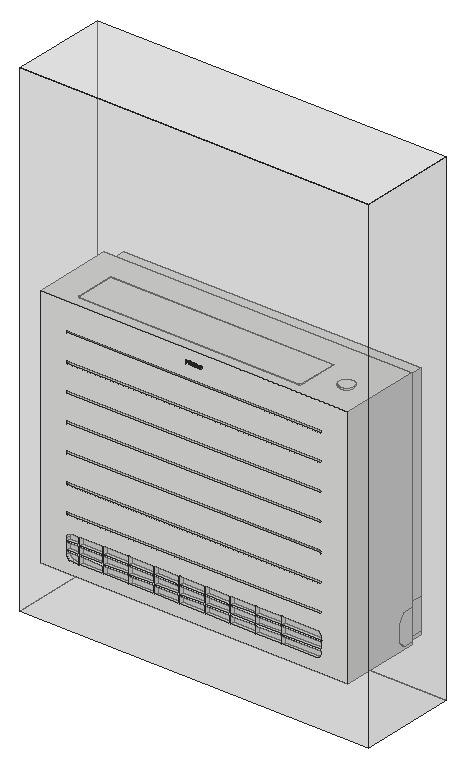
Revit family "outputfile", category 機械設備, Revit 2024
Family settings
  丸型コネクタ寸法 = 半径を使用
  パーツ タイプ = 標準
  OmniClass 番号 = 23.75.10.24.21.27.27
  OmniClass タイトル = Split System Air Conditioning Units
  作業面ベース = いいえ
  常に垂直 = はい
  ロード時にボイドで切り取り = いいえ
  注釈の向きを維持 = いいえ
  共有 = いいえ
  部屋計算ポイント = いいえ
Parameters (values of type "FVXM50YVMA")
  Description = ""
  書き出し IFC クラス(タイプ) = "IfcUnitaryEquipmentType"
  定義済み IFC タイプ(タイプ) = "AIRCONDITIONINGUNIT"
  Cost = 0
  Type Comments = ""
  Keynote = ""
  Type Image = (empty or 0)
  Assembly Code = ""
  switch_frequency = yes
  lw_powersupply [instance] = if(or(Rear Right Connection_refrigerant, Bottom Right Connection_refrigerant), 40.0 mm, if(or(Rear Left Connection_refrigerant, Bottom Left Connection_refrigerant), 630.0 mm, 40.0 mm))  # 40.0 mm
  lw_liquidpipe [instance] = if(or(Rear Right Connection_refrigerant, Bottom Right Connection_refrigerant), 60.0 mm, if(or(Rear Left Connection_refrigerant, Bottom Left Connection_refrigerant), 650.0 mm, 60.0 mm))  # 60.0 mm
  lw_gaspipe [instance] = if(or(Rear Right Connection_refrigerant, Bottom Right Connection_refrigerant), 60.0 mm, if(or(Rear Left Connection_refrigerant, Bottom Left Connection_refrigerant), 650.0 mm, 60.0 mm))  # 60.0 mm
  lw_drainpipe [instance] = if(or(Rear Right Connection_refrigerant, Bottom Right Connection_refrigerant), 80.0 mm, if(or(Rear Left Connection_refrigerant, Bottom Left Connection_refrigerant), 680.0 mm, 80.0 mm))  # 80.0 mm
  lh_liquidpipe [instance] = if(or(Bottom Left Connection_refrigerant, Bottom Right Connection_refrigerant), 258.0 mm, 60.0 mm)  # 60.0 mm
  lh_gaspipe [instance] = if(or(Bottom Left Connection_refrigerant, Bottom Right Connection_refrigerant), 211.0 mm, 40.0 mm)  # 40.0 mm
  lh_drainpipe [instance] = if(or(Bottom Left Connection_refrigerant, Bottom Right Connection_refrigerant), 95.0 mm, 20.0 mm)  # 20.0 mm
  ld_liquidpipe [instance] = if(or(Rear Left Connection_refrigerant, Rear Right Connection_refrigerant), 147.0 mm, 40.0 mm)  # 40.0 mm
  ld_gaspipe [instance] = if(or(Rear Left Connection_refrigerant, Rear Right Connection_refrigerant), 130.0 mm, 30.0 mm)  # 30.0 mm
  ld_drainpipe [instance] = if(or(Rear Left Connection_refrigerant, Rear Right Connection_refrigerant), 123.0 mm, 30.0 mm)  # 30.0 mm
  l_powersupply_length [instance] = if(Right Connection_refrigerant, 40.0 mm - 14.0 mm, if(Left Connection_refrigerant, 750.0 mm - 40.0 mm - 14.0 mm, if(or(Rear Left Connection_refrigerant, Rear Right Connection_refrigerant), 30.0 mm, 74.0 mm)))  # 26.0 mm
  l_liquidpipe_length [instance] = if(Right Connection_refrigerant, 60.0 mm - 14.0 mm, if(Left Connection_refrigerant, 750.0 mm - 60.0 mm - 14.0 mm, if(or(Rear Left Connection_refrigerant, Rear Right Connection_refrigerant), 147.0 mm, 258.0 mm)))  # 46.0 mm
  l_gaspipe_length [instance] = if(Right Connection_refrigerant, 60.0 mm - 14.0 mm, if(Left Connection_refrigerant, 750.0 mm - 60.0 mm - 14.0 mm, if(or(Rear Left Connection_refrigerant, Rear Right Connection_refrigerant), 130.0 mm, 211.0 mm)))  # 46.0 mm
  l_drainpipe_length [instance] = if(Right Connection_refrigerant, 80.0 mm - 14.0 mm, if(Left Connection_refrigerant, 750.0 mm - 80.0 mm - 14.0 mm, if(or(Rear Left Connection_refrigerant, Rear Right Connection_refrigerant), 123.0 mm, 95.0 mm)))  # 66.0 mm
  daikin_mountinghole = Depth = 350.0 mm  # no
  connector_voltage = Voltage_60Hz  # 220 V
  connector_powerinput = [Power Input (Cooling)]  # 1.180 kW
  connector_phase = Phase_60Hz  # 1
  angle_vertical [instance] = if(or(Bottom Left Connection_refrigerant, Bottom Right Connection_refrigerant), 0.00°, 90.00°)  # 90.00°
  angle_horizontal [instance] = if(Right Connection_refrigerant, 90.00°, if(Left Connection_refrigerant, -90.00°, if(or(Rear Left Connection_refrigerant, Rear Right Connection_refrigerant), 180.00°, 0.00°)))  # 90.00°
  Voltage_comment_60Hz = "220-230"
  Voltage_comment_50Hz = "220 - 240"
  Voltage_60Hz = 220 V
  Voltage_50Hz = 230 V
  URL = ""
  Total Heating Capacity [instance] = 0.000 kW
  Right Connection_refrigerant [instance] = yes
  製造元 = "Daikin"
  モデル = "FVXM50YVMA"
  r_Liquid Pipe Size = Liquid Pipe Size / 2  # 3.2 mm
  r_Gas Pipe Size = Gas Pipe Size / 2  # 6.35 mm
  r_Drain Pipe Size = Drain Pipe Size / 2  # 8.0 mm
  h*** = 0.0 mm  # constant formula
  Width = 750.0 mm
  Version = "ver.1.0"
  Unit Type = "Floor Standing"
  Unit Mass Weight = 18.00 kg
  Unit Designation [instance] = ""
  Uniclass2015Version = "Products v1.30"
  Uniclass2015Title = "Split coil room air conditioning units"
  Uniclass2015Code = "Pr_70_65_03_86"
  Total Cooling Capacity [instance] = 0.000 kW
  Sound Pressure Level_M speed (dBA) = 40
  Sound Pressure Level_L speed (dBA) = 36
  Sound Pressure Level_H speed (dBA) = 51
  Sound Power Level_H speed (dB) = 0
  Series = "Single Split_Fan Coil Unit"
  Sensible Cooling Capacity [instance] = 0.000 kW
  Refrigerant Type = "R32"
  Rear Right Connection_refrigerant [instance] = no
  Rear Left Connection_refrigerant [instance] = no
  Power Input (Heating) = 1.440 kW
  Power Input (Cooling) = 1.180 kW
  Phase_60Hz = 1
  Phase_50Hz = 1
  Option Accessory 3 [instance] = ""
  Option Accessory 2 [instance] = ""
  Option Accessory 1 [instance] = ""
  Nominal Heating Capacity = 6.000 kW
  Nominal Cooling Capacity = 5.000 kW
  Minimum External Static Pressure = 0.00 Pa
  Minimum Circuit Amps_60Hz = 0.0 A
  Minimum Circuit Amps_50Hz = 0.0 A
  Minimum Airflow = 468.00 m³/h
  Median Airflow = 558.00 m³/h
  Maximum Fuse Amps_60Hz = 0.0 A
  Maximum Fuse Amps_50Hz = 0.0 A
  Maximum External Static Pressure = 0.00 Pa
  Maximum Airflow = 876.00 m³/h
  Material_Casing = DAIKIN_White_Casing_indoorunit
  Load Classification = HVAC
  Liquid Pipe Size = 6.4 mm
  Link_Nested Family [instance] = ""
  Left Connection_refrigerant [instance] = no
  IfcVersion = ""
  IfcExportType = "AIRCONDITIONINGUNIT"
  IfcExportAs = "IfcUnitaryEquipmentType"
  Height = 600.0 mm
  Heating Entering Wet Bulb Temperature [instance] = -273.15 °C
  Heating Entering Dry Bulb Temperature [instance] = -273.15 °C
  Heating Ambient Wet Bulb Temperature [instance] = -273.15 °C
  Heating Ambient Dry Bulb Temperature [instance] = -273.15 °C
  Heat Exchanger Type = "Cross Fin Coil"
  Gas Pipe Size = 12.7 mm
  Frequency_60Hz = 60 Hz
  Frequency_50Hz = 50 Hz
  Fan Type = "Turbo Fan"
  Fan Drive = "-"
  FCU Tag No. [instance] = ""
  Drain Pipe Size = 16.0 mm
  Design Supply Airflow [instance] = 0.00 m³/h
  Design External Static Pressure [instance] = 0.00 Pa
  Depth = 238.0 mm
  既定の高さ = 0.0 mm
  Cooling Entering Wet Bulb Temperature [instance] = 0.00 °C
  Cooling Entering Dry Bulb Temperature [instance] = 0.00 °C
  Cooling Ambient Wet Bulb Temperature [instance] = 0.00 °C
  Cooling Ambient Dry Bulb Temperature [instance] = 0.00 °C
  Clearance visibility [instance] = yes
  Clearance Top = 467.0 mm
  Clearance Right = 50.0 mm
  Clearance Rear = 0.0 mm
  Clearance Left = 50.0 mm
  Clearance Front = 0.0 mm
  Clearance Bottom = 120.0 mm
  Bottom Right Connection_refrigerant [instance] = no
  Bottom Left Connection_refrigerant [instance] = no
Reference planes
  plane 1: z = 0
  plane 2 "Center (Left/Right)": x = 0
  plane 3 "Center (Front/Back)": y = -23
  plane 4 "Front": y = -142
  plane 5: x = 315
  plane 6: x = 315
  plane 7: z = 0
  plane 8: z = 467
  plane 9: z = -720
  plane 10: x = -425
  plane 11: x = 425
  plane 12: y = -142
  plane 13: y = 96
  plane 14 "Bottom": z = -600
  plane 15 "Left": x = -375
  plane 16 "Right": x = 375
  plane 17 "Top": z = 0
  plane 18 "Back": y = 96
  plane 19 "lh_drainpipe": z = -580
  plane 20 "ld_liquidpipe_gaspipe": y = 56
  plane 21 "ld_drainpipe": y = 66
  plane 22 "ld_powersupply": y = 66
  plane 23 "lh_liquidpipe": z = -540
  plane 24 "lh_gaspipe": z = -560
  plane 25 "ld_gaspipe": y = 66
  plane 26 "lw_drainpipe": x = 295
  plane 27 "lw_powersupply": x = 335
  plane 28 "lh_powersupply": z = -526
Dimensions and locks
  "Width": plane 16 "Right" to plane 15 "Left"
  equal spacing: plane 16 "Right", plane 2 "Center (Left/Right)", plane 15 "Left"
  "Clearance Rear": plane 13 to plane 18 "Back"
  "Clearance Right": plane 11 to plane 16 "Right"
  "Clearance Left": plane 15 "Left" to plane 10
  "Clearance Top": plane 8 to plane 17 "Top"
  "Clearance Bottom": plane 14 "Bottom" to plane 9
  "Height": plane 1 to plane 14 "Bottom"
  equal spacing: plane 18 "Back", plane 3 "Center (Front/Back)", plane 4 "Front"
  "Depth": plane 18 "Back" to plane 4 "Front"
  "Clearance Front": plane 4 "Front" to plane 12
  "ld_liquidpipe": plane 18 "Back" to plane 20 "ld_liquidpipe_gaspipe"
  "lh_liquidpipe": plane 23 "lh_liquidpipe" to plane 14 "Bottom"
  "lw_liquidpipe": plane 6 to plane 16 "Right"
  "ld_gaspipe": plane 18 "Back" to plane 25 "ld_gaspipe"
  "lw_gaspipe": plane 5 to plane 16 "Right"
  "lh_gaspipe": plane 24 "lh_gaspipe" to plane 14 "Bottom"
  "lh_drainpipe": plane 19 "lh_drainpipe" to plane 14 "Bottom"
  "lw_drainpipe": plane 26 "lw_drainpipe" to plane 16 "Right"
  "ld_drainpipe": plane 18 "Back" to plane 21 "ld_drainpipe"
  "lw_powersupply": plane 27 "lw_powersupply" to plane 16 "Right"
  locked: plane 18 "Back" to plane 22 "ld_powersupply" at 30
  locked: plane 28 "lh_powersupply" to plane 14 "Bottom" at 74
  aligned and locked: level to plane 1
  aligned and locked: nested 1 to plane 13
  aligned and locked: nested 1 to plane 12
  aligned and locked: plane 8 to nested 1
  aligned and locked: plane 9 to nested 1
  aligned and locked: plane 10 to nested 1
  aligned and locked: plane 11 to nested 1
  aligned and locked: nested 2 to plane 18 "Back"
  aligned and locked: plane 2 "Center (Left/Right)" to nested 2
  aligned and locked: plane 17 "Top" to nested 2
  aligned and locked: nested 3 to plane 20 "ld_liquidpipe_gaspipe"
  aligned and locked: plane 6 to nested 3
  aligned and locked: nested 4 to plane 25 "ld_gaspipe"
  aligned and locked: plane 5 to nested 4
  aligned and locked: plane 26 "lw_drainpipe" to nested 5
  aligned and locked: nested 5 to plane 21 "ld_drainpipe"
  aligned and locked: plane 27 "lw_powersupply" to nested 6
  aligned and locked: nested 6 to plane 22 "ld_powersupply"
  aligned and locked: plane 17 "Top" to plane 1
Nested families
  nested 1: "daikin_clearancespace" at (0, -23, -126.381), visible <- "Clearance visibility", show <- "Clearance visibility", Link_Nested Family <- "Link_Nested Family", type "daikin_clearancespace"
    with width 850.0 mm, show yes, height 1187.0 mm, depth 238.0 mm, Link_Nested Family ""
  nested 2: "DAIKIN_indoorunit_FVXM-YVMA" at (-31, 96, 0), type "FVXM-YVMA"
  nested 3: "daikin_connector_rotate3" at (315, 56, -540), angle_vertical <- "angle_vertical", angle_horizontal <- "angle_horizontal", radius <- "r_Liquid Pipe Size", length <- "l_liquidpipe_length", type "daikin_connector_rotate3"
    with show no, radius 3.2 mm, length 46.0 mm, angle_vertical 90.00°, angle_horizontal 90.00°
  nested 4: "daikin_connector_rotate3" at (315, 66, -560), angle_vertical <- "angle_vertical", angle_horizontal <- "angle_horizontal", length <- "l_gaspipe_length", radius <- "r_Gas Pipe Size", type "daikin_connector_rotate3"
    with show no, radius 6.35 mm, length 46.0 mm, angle_vertical 90.00°, angle_horizontal 90.00°
  nested 5: "daikin_connector_rotate3" at (295, 66, -580), angle_vertical <- "angle_vertical", angle_horizontal <- "angle_horizontal", length <- "l_drainpipe_length", radius <- "r_Drain Pipe Size", type "daikin_connector_rotate3"
    with show no, radius 8.0 mm, length 66.0 mm, angle_vertical 90.00°, angle_horizontal 90.00°
  nested 6: "daikin_connector_rotate3" at (335, 66, -526), angle_vertical <- "angle_vertical", angle_horizontal <- "angle_horizontal", length <- "l_powersupply_length", type "daikin_connector_rotate3"
    with show no, radius 10.0 mm, length 26.0 mm, angle_vertical 90.00°, angle_horizontal 90.00°
Connectors
  piping at (361, 56, -540), diameter 6.4, driven by "r_Liquid Pipe Size"
    settings: on nested 3, index 1, connector inside diameter 609.6 mm, connector length 0.0 mm, flow factor 0, pipe flow 0.00 m³/h, pressure drop 0.0 Pa, fitting loss kfactor 0, connector angle 0.00°, fixture units 0, engagement length 0.0 mm, angle of deflection 0.00°, flow configuration 1, flow direction 1, fitting loss method 0, system type 29, joint type 0, gender type 0, connector reference index -1, connector utility 0, adjustable connector no, is connector primary yes, connector description "Refrigerant Liquid Piping"
  piping at (361, 66, -560), diameter 12.7, driven by "r_Gas Pipe Size"
    settings: on nested 4, index 2, connector inside diameter 609.6 mm, connector length 0.0 mm, flow factor 0, pipe flow 0.00 m³/h, pressure drop 0.0 Pa, fitting loss kfactor 0, connector angle 0.00°, fixture units 0, engagement length 0.0 mm, angle of deflection 0.00°, flow configuration 1, flow direction 2, fitting loss method 0, system type 29, joint type 0, gender type 0, connector reference index -1, connector utility 0, adjustable connector no, is connector primary no, connector description "Refrigerant Gas Piping"
  piping at (361, 66, -580), diameter 16, driven by "r_Drain Pipe Size"
    settings: on nested 5, index 3, connector inside diameter 609.6 mm, connector length 0.0 mm, flow factor 0, pipe flow 0.00 m³/h, pressure drop 0.0 Pa, fitting loss kfactor 0, connector angle 0.00°, fixture units 0, engagement length 0.0 mm, angle of deflection 0.00°, flow configuration 1, flow direction 2, fitting loss method 4, system type 16, joint type 0, gender type 0, connector reference index -1, connector utility 0, adjustable connector no, is connector primary no, connector description "Condensate Drain Piping"
  electrical at (361, 66, -526), driven by "connector_phase", driven by "Load Classification", driven by "connector_voltage", driven by "connector_powerinput"
    settings: on nested 6, index 4, voltage 220 V, apparent load 1180 VA, apparent load phase1 0 VA, apparent load phase2 0 VA, apparent load phase3 0 VA, power factor 1, load classification "HVAC", number of poles 1, system type 30, power factor state 1, is connector primary yes, connector utility no, sub classification motor no, connector description "Power Supply"
Definition of nested family "daikin_clearancespace"
  Parameters (values of type "daikin_clearancespace")
    Description = "daikin_clearancespace"
    width [instance] = 1823.963 mm
    show [instance] = yes
    material = none
    height [instance] = 1359.762 mm
    depth [instance] = 880.0 mm
    Default Elevation = 0.0 mm
    Link_Nested Family [instance] = ""
  Reference planes
    plane 1 "Center (Front/Back)": y = 0
    plane 2 "Center (Elevation)": z = -0.119
    plane 3 "Center (Left/Right)": x = 0
    plane 4: y = 440
    plane 5: y = -440
    plane 6 "Right": x = 911.982
    plane 7 "Left": x = -911.982
    plane 8 "Top": z = 679.762
    plane 9 "Bottom": z = -680
  Forms (mm)
    Extrusion 1, solid, material <- "material", visible <- "show"
      sketch origin (0, 0, 0) x (1, 0, 0) y (0, 1, 0)
        loop
          line (-911.982, 440) -> (-911.982, -440) -> (911.982, -440) -> (911.982, 440) -> (-911.982, 440)
      from -680 to 679.762
  Lines and regions (mm)
    symbolic lines, visible <- "show"
      curve 1: line (911.982, 440, 0) -> (-911.982, 440, 0)
      curve 2: line (-911.982, 440, 0) -> (-911.982, -440, 0)
      curve 3: line (-911.982, -440, 0) -> (911.982, -440, 0)
      curve 4: line (911.982, -440, 0) -> (911.982, 440, 0)
      curve 5: line (911.982, 0, 679.762) -> (-911.982, 0, 679.762)
      curve 6: line (911.982, 0, -680) -> (911.982, 0, 679.762)
      curve 7: line (-911.982, 0, -680) -> (911.982, 0, -680)
      curve 8: line (-911.982, 0, 679.762) -> (-911.982, 0, -680)
      curve 9: line (0, 440, 679.762) -> (0, -440, 679.762)
      curve 10: line (0, -440, 679.762) -> (0, -440, -680)
      curve 11: line (0, 440, -680) -> (0, 440, 679.762)
      curve 12: line (0, -440, -680) -> (0, 440, -680)
  Dimensions and locks
    "width": plane 7 "Left" to plane 6 "Right"
    "depth": plane 4 to plane 5
    "height": plane 8 "Top" to plane 9 "Bottom"
    equal spacing: plane 7 "Left", plane 3 "Center (Left/Right)", plane 6 "Right"
    equal spacing: plane 4, plane 1 "Center (Front/Back)", plane 5
    equal spacing: plane 8 "Top", plane 2 "Center (Elevation)", plane 9 "Bottom"
    aligned and locked: level to plane 2 "Center (Elevation)"
    aligned and locked: Extrusion 1 sketch curve to plane 4
    aligned and locked: plane 7 "Left" to Extrusion 1 sketch curve
    aligned and locked: Extrusion 1 sketch curve to plane 5
    aligned and locked: Extrusion 1 sketch curve to plane 6 "Right"
    aligned and locked: plane 8 "Top" to Extrusion 1
    aligned and locked: curve 1 to Extrusion 1
    aligned and locked: curve 2 to Extrusion 1
    aligned and locked: curve 3 to Extrusion 1
    aligned and locked: curve 4 to Extrusion 1
    aligned and locked: curve 5 to Extrusion 1
    aligned and locked: curve 6 to Extrusion 1
    aligned and locked: curve 7 to Extrusion 1
    aligned and locked: curve 8 to Extrusion 1
    aligned and locked: curve 9 to Extrusion 1
    aligned and locked: curve 10 to Extrusion 1
    aligned and locked: curve 11 to Extrusion 1
    aligned and locked: curve 12 to Extrusion 1
    aligned and locked: Extrusion 1 to plane 9 "Bottom"
Definition of nested family "DAIKIN_indoorunit_FVXM-YVMA"
  Parameters (values of type "FVXM-YVMA")
    Width = 750.0 mm
    Material_Casing = none
    Height = 600.0 mm
    Default Elevation = 0.0 mm
  Reference planes
    plane 1 "Center (Front/Back)": y = 0
    plane 2 "reference_level": z = 0
    plane 3 "Center (Left/Right)": x = 31
    plane 4: x = -330
    plane 5: x = 392
    plane 6: z = -600
    plane 7: y = -238
    plane 8: x = -344
    plane 9: x = 406
    plane 10: z = -600
  Forms (mm)
    Extrusion 1, solid, material <- "Material_Casing"
      sketch origin (392, 3296.25, 1200) x (0, -1, 0) y (0, 0, 1)
        loop
          line (3296.25, -1715) -> (3296.25, -1790.3) -> (3314.25, -1790.3) -> (3341.25, -1790.3) -> (3341.25, -1715) -> (3312.25, -1715) -> (3296.25, -1715)
      from 0 to 5
    Extrusion 2, solid, material <- "Material_Casing"
      sketch origin (31, 2200, -600) x (-1, 0, 0) y (0, -1, 0)
        loop
          line (-276, 2220.469) -> (-276, 2333)
          arc (-276, 2333) -> (-280.393, 2343.607) -> (-291, 2348) r 15
          line (-291, 2348) -> (-331, 2348)
          arc (-331, 2348) -> (-341.607, 2343.607) -> (-346, 2333) r 15
          line (-346, 2333) -> (-346, 2220.469) -> (-276, 2220.469)
        loop
          arc (346, 2280.031) -> (344.335, 2283.756) -> (340.448, 2285) r 5
          line (340.448, 2285) -> (235.887, 2285)
          arc (235.887, 2285) -> (232.431, 2283.569) -> (231, 2280.113) r 4.887
          line (231, 2280.113) -> (231, 2220.469) -> (346, 2220.469) -> (346, 2280.031)
      from 0 to 5
    Extrusion 3, solid, material <- "Material_Casing"
      sketch origin (31, 2000, -50) x (0, 1, 0) y (0, 0, 1)
        loop
          line (-2045, 33) -> (-2045, -550) -> (-2000, -550) -> (-2000, 33) -> (-2045, 33)
      from -361 to 361
    Extrusion 4, solid, material <- "Material_Casing"
      sketch origin (31, 0, 0) x (1, 0, 0) y (0, 0, 1)
        loop
          circle (296, -542) r 58
        loop
          circle (-296, -542) r 58
      from 0 to 18
    Extrusion 5, solid, material <- "Material_Casing"
      sketch origin (-344, 3296.25, 1200) x (0, -1, 0) y (0, 0, -1)
        loop
          line (3341.25, 1715) -> (3355.25, 1715)
          arc (3355.25, 1715) -> (3370.807, 1721.444) -> (3377.25, 1737) r 22
          line (3377.25, 1737) -> (3377.25, 1768.3)
          arc (3377.25, 1768.3) -> (3370.807, 1783.856) -> (3355.25, 1790.3) r 22
          line (3355.25, 1790.3) -> (3341.25, 1790.3) -> (3341.25, 1715)
      from 0 to 5
    Extrusion 6, solid, material <- "Material_Casing"
      sketch origin (31, 0, 0) x (0, 1, 0) y (0, 0, 1)
        loop
          line (-238, -2) -> (-238, -596) -> (-229.5, -596) -> (-229.5, -600) -> (-45, -600) -> (-45, -2) -> (-238, -2)
      from -375 to 375
    Extrusion 7, void
      sketch origin (-663.497, -183, 1200) x (-1, 0, 0) y (0, 0, 1)
        loop
          line (-333.497, -1796) -> (-333.497, -1826) -> (-298.497, -1826) -> (-298.497, -1796) -> (-333.497, -1796)
        loop
          line (-1055.497, -1796) -> (-1090.497, -1796) -> (-1090.497, -1826) -> (-1055.497, -1826) -> (-1055.497, -1796)
      from -55 to 495
    Extrusion 8, solid, material <- "Material_Casing"
      sketch origin (0, 0, 0) x (1, 0, 0) y (0, 1, 0)
        loop
          circle (339.5, -158.981) r 18
      from -2 to 0
    Extrusion 9, void
      sketch origin (0, 0, 0) x (1, 0, 0) y (0, 1, 0)
        loop
          arc (-269.293, -211.674) -> (-2.048, -218.025) -> (265.245, -214.192) r 7016.372
          arc (265.245, -214.192) -> (268.673, -212.671) -> (270.079, -209.195) r 5
          line (270.079, -209.195) -> (270.079, -111.981) -> (-274.079, -111.981) -> (-274.079, -206.679)
          arc (-274.079, -206.679) -> (-272.689, -210.138) -> (-269.293, -211.674) r 5
      from -10 to 0
    Extrusion 10, solid, material <- "Material_Casing"
      sketch origin (0, 0, 0) x (1, 0, 0) y (0, 1, 0)
        loop
          arc (265.245, -214.192) -> (268.673, -212.671) -> (270.079, -209.195) r 5
          line (270.079, -209.195) -> (270.079, -111.981) -> (-274.079, -111.981) -> (-274.079, -206.679)
          arc (-274.079, -206.679) -> (-272.689, -210.138) -> (-269.293, -211.674) r 5
          arc (-269.293, -211.674) -> (-2.048, -218.025) -> (265.245, -214.192) r 7016.372
      from -10 to -2
    Extrusion 11, void
      sketch origin (-663.497, -183, 1200) x (-1, 0, 0) y (0, 0, 1)
        loop
          arc (-1002.372, -1264.5) -> (-1004.14, -1265.232) -> (-1004.872, -1267) r 2.5
          line (-1004.872, -1267) -> (-1004.872, -1269)
          arc (-1004.872, -1269) -> (-1004.286, -1270.414) -> (-1002.872, -1271) r 2
          line (-1002.872, -1271) -> (-386.123, -1271)
          arc (-386.123, -1271) -> (-384.709, -1270.414) -> (-384.123, -1269) r 2
          line (-384.123, -1269) -> (-384.123, -1267)
          arc (-384.123, -1267) -> (-384.855, -1265.232) -> (-386.623, -1264.5) r 2.5
          line (-386.623, -1264.5) -> (-1002.372, -1264.5)
        loop
          arc (-1002.372, -1330.5) -> (-1004.14, -1331.232) -> (-1004.872, -1333) r 2.5
          line (-1004.872, -1333) -> (-1004.872, -1335)
          arc (-1004.872, -1335) -> (-1004.286, -1336.414) -> (-1002.872, -1337) r 2
          line (-1002.872, -1337) -> (-386.123, -1337)
          arc (-386.123, -1337) -> (-384.709, -1336.414) -> (-384.123, -1335) r 2
          line (-384.123, -1335) -> (-384.123, -1333)
          arc (-384.123, -1333) -> (-384.855, -1331.232) -> (-386.623, -1330.5) r 2.5
          line (-386.623, -1330.5) -> (-1002.372, -1330.5)
        loop
          arc (-1002.372, -1396.5) -> (-1004.14, -1397.232) -> (-1004.872, -1399) r 2.5
          line (-1004.872, -1399) -> (-1004.872, -1401)
          arc (-1004.872, -1401) -> (-1004.286, -1402.414) -> (-1002.872, -1403) r 2
          line (-1002.872, -1403) -> (-386.123, -1403)
          arc (-386.123, -1403) -> (-384.709, -1402.414) -> (-384.123, -1401) r 2
          line (-384.123, -1401) -> (-384.123, -1399)
          arc (-384.123, -1399) -> (-384.855, -1397.232) -> (-386.623, -1396.5) r 2.5
          line (-386.623, -1396.5) -> (-1002.372, -1396.5)
        loop
          arc (-1002.372, -1462.5) -> (-1004.14, -1463.232) -> (-1004.872, -1465) r 2.5
          line (-1004.872, -1465) -> (-1004.872, -1467)
          arc (-1004.872, -1467) -> (-1004.286, -1468.414) -> (-1002.872, -1469) r 2
          line (-1002.872, -1469) -> (-386.123, -1469)
          arc (-386.123, -1469) -> (-384.709, -1468.414) -> (-384.123, -1467) r 2
          line (-384.123, -1467) -> (-384.123, -1465)
          arc (-384.123, -1465) -> (-384.855, -1463.232) -> (-386.623, -1462.5) r 2.5
          line (-386.623, -1462.5) -> (-1002.372, -1462.5)
        loop
          arc (-1002.372, -1528.5) -> (-1004.14, -1529.232) -> (-1004.872, -1531) r 2.5
          line (-1004.872, -1531) -> (-1004.872, -1533)
          arc (-1004.872, -1533) -> (-1004.286, -1534.414) -> (-1002.872, -1535) r 2
          line (-1002.872, -1535) -> (-386.123, -1535)
          arc (-386.123, -1535) -> (-384.709, -1534.414) -> (-384.123, -1533) r 2
          line (-384.123, -1533) -> (-384.123, -1531)
          arc (-384.123, -1531) -> (-384.855, -1529.232) -> (-386.623, -1528.5) r 2.5
          line (-386.623, -1528.5) -> (-1002.372, -1528.5)
        loop
          arc (-1002.372, -1594.5) -> (-1004.14, -1595.232) -> (-1004.872, -1597) r 2.5
          line (-1004.872, -1597) -> (-1004.872, -1599)
          arc (-1004.872, -1599) -> (-1004.286, -1600.414) -> (-1002.872, -1601) r 2
          line (-1002.872, -1601) -> (-386.123, -1601)
          arc (-386.123, -1601) -> (-384.709, -1600.414) -> (-384.123, -1599) r 2
          line (-384.123, -1599) -> (-384.123, -1597)
          arc (-384.123, -1597) -> (-384.855, -1595.232) -> (-386.623, -1594.5) r 2.5
          line (-386.623, -1594.5) -> (-1002.372, -1594.5)
        loop
          arc (-1002.372, -1660.5) -> (-1004.14, -1661.232) -> (-1004.872, -1663) r 2.5
          line (-1004.872, -1663) -> (-1004.872, -1665)
          arc (-1004.872, -1665) -> (-1004.286, -1666.414) -> (-1002.872, -1667) r 2
          line (-1002.872, -1667) -> (-386.123, -1667)
          arc (-386.123, -1667) -> (-384.709, -1666.414) -> (-384.123, -1665) r 2
          line (-384.123, -1665) -> (-384.123, -1663)
          arc (-384.123, -1663) -> (-384.855, -1661.232) -> (-386.623, -1660.5) r 2.5
          line (-386.623, -1660.5) -> (-1002.372, -1660.5)
        loop
          line (-907.024, -1705.5) -> (-907.024, -1724.25) -> (-845.397, -1724.25) -> (-845.397, -1705.5) -> (-907.024, -1705.5)
        loop
          line (-396.123, -1705.5) -> (-412.997, -1705.5) -> (-412.997, -1724.137) -> (-384.123, -1724.137) -> (-384.123, -1717.5)
          arc (-384.123, -1717.5) -> (-387.637, -1709.015) -> (-396.123, -1705.5) r 12
        loop
          line (-1004.872, -1724.399) -> (-908.997, -1724.399) -> (-908.997, -1705.5) -> (-992.872, -1705.5)
          arc (-992.872, -1705.5) -> (-1001.357, -1709.015) -> (-1004.872, -1717.5) r 12
          line (-1004.872, -1717.5) -> (-1004.872, -1724.399)
        loop
          line (-721.597, -1705.5) -> (-781.498, -1705.5) -> (-781.498, -1724.25) -> (-721.597, -1724.25) -> (-721.597, -1705.5)
        loop
          line (-783.497, -1705.5) -> (-843.398, -1705.5) -> (-843.398, -1724.25) -> (-783.497, -1724.25) -> (-783.497, -1705.5)
        loop
          line (-597.797, -1705.5) -> (-657.698, -1705.5) -> (-657.698, -1724.25) -> (-597.797, -1724.25) -> (-597.797, -1705.5)
        loop
          line (-659.697, -1705.5) -> (-719.598, -1705.5) -> (-719.598, -1724.25) -> (-659.697, -1724.25) -> (-659.697, -1705.5)
        loop
          line (-473.997, -1705.5) -> (-533.898, -1705.5) -> (-533.898, -1724.25) -> (-473.997, -1724.25) -> (-473.997, -1705.5)
        loop
          line (-535.897, -1705.5) -> (-595.798, -1705.5) -> (-595.798, -1724.25) -> (-535.897, -1724.25) -> (-535.897, -1705.5)
        loop
          line (-414.913, -1705.5) -> (-471.998, -1705.5) -> (-471.998, -1724.25) -> (-414.973, -1724.25) -> (-414.913, -1705.5)
        loop
          line (-907.024, -1766.5) -> (-845.397, -1766.5) -> (-845.397, -1747.75) -> (-907.024, -1747.75) -> (-907.024, -1766.5)
        loop
          arc (-396.123, -1766.5) -> (-387.637, -1762.985) -> (-384.123, -1754.5) r 12
          line (-384.123, -1754.5) -> (-384.123, -1747.863) -> (-412.997, -1747.863) -> (-412.997, -1766.5) -> (-396.123, -1766.5)
        loop
          line (-1004.872, -1747.601) -> (-1004.872, -1754.5)
          arc (-1004.872, -1754.5) -> (-1001.357, -1762.985) -> (-992.872, -1766.5) r 12
          line (-992.872, -1766.5) -> (-908.997, -1766.5) -> (-908.997, -1747.601) -> (-1004.872, -1747.601)
        loop
          line (-721.597, -1766.5) -> (-721.597, -1747.75) -> (-781.498, -1747.75) -> (-781.498, -1766.5) -> (-721.597, -1766.5)
        loop
          line (-783.497, -1766.5) -> (-783.497, -1747.75) -> (-843.398, -1747.75) -> (-843.398, -1766.5) -> (-783.497, -1766.5)
        loop
          line (-597.797, -1766.5) -> (-597.797, -1747.75) -> (-657.698, -1747.75) -> (-657.698, -1766.5) -> (-597.797, -1766.5)
        loop
          line (-659.697, -1766.5) -> (-659.697, -1747.75) -> (-719.598, -1747.75) -> (-719.598, -1766.5) -> (-659.697, -1766.5)
        loop
          line (-473.997, -1766.5) -> (-473.997, -1747.75) -> (-533.898, -1747.75) -> (-533.898, -1766.5) -> (-473.997, -1766.5)
        loop
          line (-535.897, -1766.5) -> (-535.897, -1747.75) -> (-595.798, -1747.75) -> (-595.798, -1766.5) -> (-535.897, -1766.5)
        loop
          line (-414.913, -1766.5) -> (-414.973, -1747.75) -> (-471.998, -1747.75) -> (-471.998, -1766.5) -> (-414.913, -1766.5)
        loop
          line (-384.123, -1726.863) -> (-412.997, -1726.863) -> (-412.997, -1745.137) -> (-384.123, -1745.137) -> (-384.123, -1726.863)
        loop
          line (-471.998, -1745.25) -> (-415.039, -1745.25) -> (-415.039, -1726.863) -> (-471.998, -1726.863) -> (-471.998, -1745.25)
        loop
          line (-533.897, -1745.25) -> (-473.997, -1745.25) -> (-473.997, -1726.863) -> (-533.897, -1726.863) -> (-533.897, -1745.25)
        loop
          line (-595.797, -1745.25) -> (-535.897, -1745.25) -> (-535.897, -1726.863) -> (-595.797, -1726.863) -> (-595.797, -1745.25)
        loop
          line (-657.697, -1745.25) -> (-597.797, -1745.25) -> (-597.797, -1726.863) -> (-657.697, -1726.863) -> (-657.697, -1745.25)
        loop
          line (-719.597, -1745.25) -> (-659.697, -1745.25) -> (-659.697, -1726.863) -> (-719.597, -1726.863) -> (-719.597, -1745.25)
        loop
          line (-781.497, -1745.25) -> (-721.597, -1745.25) -> (-721.597, -1726.863) -> (-781.497, -1726.863) -> (-781.497, -1745.25)
        loop
          line (-843.397, -1745.25) -> (-783.497, -1745.25) -> (-783.497, -1726.863) -> (-843.397, -1726.863) -> (-843.397, -1745.25)
        loop
          line (-906.955, -1745.25) -> (-845.397, -1745.25) -> (-845.397, -1726.863) -> (-906.955, -1726.863) -> (-906.955, -1745.25)
        loop
          line (-1004.872, -1745.25) -> (-908.997, -1745.25) -> (-908.997, -1726.863) -> (-1004.872, -1726.863) -> (-1004.872, -1745.25)
      from -200 to -45.918
    Extrusion 12, solid, material <- "Material_Casing"
      sketch origin (-330, 3296.25, 1200) x (0, -1, 0) y (0, 0, -1)
        loop
          line (3296.25, 1715) -> (3312.25, 1715) -> (3341.25, 1715) -> (3341.25, 1790.3) -> (3314.25, 1790.3) -> (3296.25, 1790.3) -> (3296.25, 1715)
      from 0 to 5
    Extrusion 13, solid, material <- "Material_Casing"
      sketch origin (406, 3296.25, 1200) x (0, -1, 0) y (0, 0, 1)
        loop
          line (3341.25, -1715) -> (3341.25, -1790.3) -> (3355.25, -1790.3)
          arc (3355.25, -1790.3) -> (3370.807, -1783.856) -> (3377.25, -1768.3) r 22
          line (3377.25, -1768.3) -> (3377.25, -1737)
          arc (3377.25, -1737) -> (3370.807, -1721.444) -> (3355.25, -1715) r 22
          line (3355.25, -1715) -> (3341.25, -1715)
      from 0 to 5
  Cuts and joins
    Extrusion 7, Extrusion 9, Extrusion 11 cuts Extrusion 6
    Extrusion 11 cuts Extrusion 3
  Lines and regions (mm)
    reference lines
      curve 1: line (0, -237.748, -22.637) -> (0, -237.748, -29.433)
  Dimensions and locks
    plane 5 to plane 4 = 722.0 mm
    Extrusion 4 sketch curve to plane 4 = 65.0 mm
    plane 5 to Extrusion 4 sketch curve = 65.0 mm
    Extrusion 4 sketch curve to plane 6 = 58.0 mm  (x2)
    equal spacing: plane 5, plane 3 "Center (Left/Right)", plane 4
    level to plane 6 = 600.0 mm
    equal spacing: plane 8, plane 3 "Center (Left/Right)", plane 9
    "Width": plane 8 to plane 9
    locked: plane 1 "Center (Front/Back)" to plane 7 at 238
    locked: plane 2 "reference_level" to plane 10 at 600
    locked: Extrusion 3 sketch curve to level at 600
    locked: plane 10 to Extrusion 1 sketch curve at 85
    locked: Extrusion 2 sketch curve to plane 1 "Center (Front/Back)" at 148
    locked: Extrusion 2 sketch curve to Extrusion 2 sketch curve at 70
    locked: Extrusion 2 sketch curve to plane 9 at 29
    locked: Extrusion 2 sketch curve to Extrusion 2 sketch curve at 115
    locked: plane 8 to Extrusion 2 sketch curve at 29
    locked: Extrusion 2 sketch curve to plane 1 "Center (Front/Back)" at 85
    locked: plane 10 to Extrusion 3 sketch curve at 583
    diameter of Extrusion 4 sketch curve = 116.0 mm  (x2)
    aligned and locked: level to plane 2 "reference_level"
  Automatic sketch dimensions
    Extrusion 1 sketch curve to plane 1 "Center (Front/Back)" = 0.0 mm
    plane 1 "Center (Front/Back)" to Extrusion 1 sketch curve = 16.0 mm
    plane 1 "Center (Front/Back)" to Extrusion 1 sketch curve = 18.0 mm
    Extrusion 1 sketch curve to Extrusion 1 sketch curve = 29.0 mm
    plane 10 to Extrusion 1 sketch curve = 9.7 mm
    Extrusion 2 sketch curve to Extrusion 2 sketch curve = 15.0 mm  (x2)
    Extrusion 2 sketch curve to Extrusion 2 sketch curve = 4.887 mm
    Extrusion 2 sketch curve to Extrusion 2 sketch curve = 5.552 mm
    Extrusion 2 sketch curve to Extrusion 2 sketch curve = 0.552 mm
    plane 1 "Center (Front/Back)" to Extrusion 2 sketch curve = 20.469 mm  (x2)
    Extrusion 3 sketch curve to plane 1 "Center (Front/Back)" = 0.0 mm
    plane 1 "Center (Front/Back)" to Extrusion 3 sketch curve = 45.0 mm
    plane 7 to curve 1 = 0.252 mm
    curve 1 to level = 29.433 mm
    curve 1 to curve 1 = 6.796 mm
    plane 1 "Center (Front/Back)" to Extrusion 5 sketch curve = 45.0 mm
    Extrusion 5 sketch curve to Extrusion 5 sketch curve = 14.0 mm  (x2)
    Extrusion 5 sketch curve to Extrusion 5 sketch curve = 22.0 mm
    plane 10 to Extrusion 5 sketch curve = 85.0 mm
    Extrusion 5 sketch curve to Extrusion 5 sketch curve = 31.3 mm
    Extrusion 6 sketch curve to plane 7 = 0.0 mm
    Extrusion 6 sketch curve to plane 10 = 0.0 mm
    plane 10 to Extrusion 6 sketch curve = 4.0 mm
    plane 7 to Extrusion 6 sketch curve = 8.5 mm
    plane 1 "Center (Front/Back)" to Extrusion 6 sketch curve = 45.0 mm
    Extrusion 6 sketch curve to level = 2.0 mm
    plane 10 to Extrusion 7 sketch curve = 4.0 mm  (x2)
    Extrusion 7 sketch curve to plane 9 = 21.0 mm
    plane 9 to Extrusion 7 sketch curve = 14.0 mm
    plane 8 to Extrusion 7 sketch curve = 14.0 mm
    Extrusion 7 sketch curve to plane 8 = 21.0 mm
    Extrusion 7 sketch curve to plane 10 = 26.0 mm  (x2)
    Extrusion 9 sketch curve to plane 3 "Center (Left/Right)" = 0.0 mm
    plane 7 to Extrusion 9 sketch curve = 31.321 mm
    plane 8 to Extrusion 9 sketch curve = 74.921 mm
    plane 8 to Extrusion 9 sketch curve = 69.921 mm
    plane 7 to Extrusion 9 sketch curve = 28.805 mm
    plane 9 to Extrusion 9 sketch curve = 140.921 mm
    Extrusion 9 sketch curve to Extrusion 9 sketch curve = 5.0 mm
    Extrusion 9 sketch curve to Extrusion 9 sketch curve = 94.698 mm
    Extrusion 9 sketch curve to plane 1 "Center (Front/Back)" = 6798.269 mm
    Extrusion 9 sketch curve to Extrusion 9 sketch curve = 0.0 mm
    Extrusion 10 sketch curve to plane 3 "Center (Left/Right)" = 0.0 mm
    plane 8 to Extrusion 10 sketch curve = 74.921 mm
    plane 8 to Extrusion 10 sketch curve = 69.921 mm
    plane 7 to Extrusion 10 sketch curve = 28.805 mm
    plane 9 to Extrusion 10 sketch curve = 140.921 mm
    Extrusion 10 sketch curve to Extrusion 10 sketch curve = 5.0 mm
    plane 7 to Extrusion 10 sketch curve = 31.321 mm
    Extrusion 10 sketch curve to Extrusion 10 sketch curve = 97.214 mm
    Extrusion 10 sketch curve to plane 1 "Center (Front/Back)" = 6798.269 mm
    Extrusion 10 sketch curve to Extrusion 10 sketch curve = 0.0 mm
    plane 9 to Extrusion 11 sketch curve = 64.625 mm  (x5)
    Extrusion 11 sketch curve to Extrusion 11 sketch curve = 0.0 mm  (x51)
    Extrusion 11 sketch curve to Extrusion 11 sketch curve = 2.0 mm  (x17)
    Extrusion 11 sketch curve to Extrusion 11 sketch curve = 2.5 mm  (x13)
    Extrusion 11 sketch curve to Extrusion 11 sketch curve = 0.5 mm  (x12)
    Extrusion 11 sketch curve to Extrusion 11 sketch curve = 12.0 mm  (x3)
    Extrusion 11 sketch curve to Extrusion 11 sketch curve = 83.875 mm
    Extrusion 11 sketch curve to Extrusion 11 sketch curve = 1.974 mm  (x2)
    Extrusion 11 sketch curve to Extrusion 11 sketch curve = 2.042 mm  (x2)
    Extrusion 11 sketch curve to Extrusion 11 sketch curve = 61.559 mm
    Extrusion 11 sketch curve to Extrusion 11 sketch curve = 1.998 mm  (x15)
    Extrusion 11 sketch curve to Extrusion 11 sketch curve = 1.999 mm  (x6)
    Extrusion 11 sketch curve to Extrusion 11 sketch curve = 59.901 mm  (x3)
    plane 3 "Center (Left/Right)" to Extrusion 11 sketch curve = 27.099 mm
    Extrusion 11 sketch curve to plane 3 "Center (Left/Right)" = 34.801 mm
    Extrusion 11 sketch curve to Extrusion 11 sketch curve = 59.902 mm
    Extrusion 11 sketch curve to Extrusion 11 sketch curve = 56.959 mm
    Extrusion 11 sketch curve to Extrusion 11 sketch curve = 0.067 mm  (x2)
    plane 10 to Extrusion 11 sketch curve = 33.5 mm  (x3)
    Extrusion 11 sketch curve to Extrusion 11 sketch curve = 0.059 mm  (x2)
    Extrusion 11 sketch curve to Extrusion 11 sketch curve = 1.975 mm  (x2)
    Extrusion 11 sketch curve to Extrusion 11 sketch curve = 16.875 mm  (x2)
    plane 8 to Extrusion 11 sketch curve = 67.125 mm  (x3)
    Extrusion 11 sketch curve to Extrusion 11 sketch curve = 9.5 mm
    Extrusion 11 sketch curve to Extrusion 11 sketch curve = 6.637 mm  (x2)
    Extrusion 11 sketch curve to Extrusion 11 sketch curve = 18.75 mm  (x4)
    Extrusion 11 sketch curve to Extrusion 11 sketch curve = 0.113 mm  (x2)
    Extrusion 11 sketch curve to Extrusion 11 sketch curve = 6.899 mm  (x2)
    Extrusion 11 sketch curve to Extrusion 11 sketch curve = 2.351 mm
    Extrusion 11 sketch curve to Extrusion 11 sketch curve = 18.387 mm  (x7)
    Extrusion 11 sketch curve to Extrusion 11 sketch curve = 18.275 mm
    Extrusion 11 sketch curve to Extrusion 11 sketch curve = 2.463 mm
    Extrusion 11 sketch curve to Extrusion 11 sketch curve = 2.613 mm  (x4)
    Extrusion 11 sketch curve to Extrusion 11 sketch curve = 2.725 mm
    Extrusion 11 sketch curve to Extrusion 11 sketch curve = 38.5 mm
    Extrusion 11 sketch curve to Extrusion 11 sketch curve = 59.5 mm  (x6)
    Extrusion 12 sketch curve to plane 1 "Center (Front/Back)" = 0.0 mm
    plane 1 "Center (Front/Back)" to Extrusion 12 sketch curve = 16.0 mm
    plane 1 "Center (Front/Back)" to Extrusion 12 sketch curve = 18.0 mm
    Extrusion 12 sketch curve to Extrusion 12 sketch curve = 29.0 mm
    plane 10 to Extrusion 12 sketch curve = 85.0 mm
    plane 10 to Extrusion 12 sketch curve = 9.7 mm
    plane 1 "Center (Front/Back)" to Extrusion 13 sketch curve = 45.0 mm
    Extrusion 13 sketch curve to Extrusion 13 sketch curve = 14.0 mm  (x2)
    Extrusion 13 sketch curve to Extrusion 13 sketch curve = 22.0 mm
    plane 10 to Extrusion 13 sketch curve = 9.7 mm
    Extrusion 13 sketch curve to Extrusion 13 sketch curve = 31.3 mm
  Nested families
    nested 1: "daikin_logo_plane_w40" at (31, -237.677, -26.888) x (1, 0, 0) z (0, -1, 0), type "daikin_logo_plane_w40"
      with show_logo yes
  Definition of nested family "daikin_logo_plane_w40"
    Parameters (values of type "daikin_logo_plane_w40")
      width = 40.0 mm
      show_logo [instance] = yes
      material = none
      height = 0.0 mm
      depth = 0.0 mm
      Default Elevation = 1219.2 mm
    Reference planes
      plane 1 "Center (Front/Back)": y = 0
      plane 2: z = 0
      plane 3 "Center (Left/Right)": x = 0
      plane 4: z = 2
      plane 5 "left": x = -19
      plane 6: x = 19
    Forms (mm)
      Extrusion 1, solid, visible <- "show_logo"
        sketch origin (-19, 0, 0) x (1, 0, 0) y (0, 1, 0)
          loop
            line (8.902, -1.878) -> (7.789, -6.332) -> (11.13, -6.332)
            arc (11.13, -6.332) -> (12.454, -6.064) -> (13.472, -5.176) r 2.642
            arc (13.472, -5.176) -> (13.92, -4.02) -> (13.767, -2.79) r 2.537
            arc (13.767, -2.79) -> (13.452, -2.342) -> (12.982, -2.06) r 1.321
            arc (12.982, -2.06) -> (12.063, -1.902) -> (11.13, -1.878) r 6.479
            line (11.13, -1.878) -> (8.902, -1.878)
          loop
            line (10.016, -5.441) -> (10.907, -5.441)
            arc (10.907, -5.441) -> (11.591, -4.983) -> (11.988, -4.261) r 1.742
            spline (11.988, -4.261) -> (12.01, -4.155) -> (12.027, -4.03) -> (12.037, -3.893) -> (12.037, -3.747) -> (12.026, -3.598) -> (12.002, -3.451) -> (11.962, -3.31) -> (11.905, -3.181) -> (11.829, -3.069) -> (11.731, -2.978) -> (11.61, -2.913) -> (11.464, -2.88)
            line (11.464, -2.88) -> (10.573, -2.88) -> (10.016, -5.441)
          loop
            line (13.58, -6.332) -> (14.805, -6.332) -> (15.223, -5.553) -> (16.977, -5.553) -> (17.144, -6.332) -> (19.149, -6.332) -> (18.258, -1.878) -> (16.03, -1.878) -> (13.58, -6.332)
          loop
            line (16.476, -3.214) -> (15.76, -4.551) -> (16.762, -4.551) -> (16.476, -3.214)
          loop
            line (19.705, -6.332) -> (21.599, -6.332) -> (22.712, -1.878) -> (20.819, -1.878) -> (19.705, -6.332)
          loop
            line (22.712, -6.332) -> (24.606, -6.332) -> (24.908, -5.122) -> (25.831, -6.332) -> (28.17, -6.332) -> (26.388, -3.994) -> (28.949, -1.878) -> (26.945, -1.878) -> (25.401, -3.153) -> (25.719, -1.878) -> (23.826, -1.878) -> (22.712, -6.332)
          loop
            line (29.84, -1.878) -> (28.615, -6.332) -> (30.62, -6.332) -> (31.734, -1.878) -> (29.84, -1.878)
          loop
            line (31.734, -6.332) -> (33.07, -6.332) -> (33.7, -3.814) -> (34.518, -6.332) -> (36.745, -6.332) -> (37.859, -1.878) -> (36.523, -1.878) -> (35.845, -4.589) -> (34.963, -1.878) -> (32.847, -1.878) -> (31.734, -6.332)
        from 0 to 2
      Extrusion 2, solid, visible <- "show_logo"
        sketch origin (-19, 0, 0) x (1, 0, 0) y (0, 1, 0)
          loop
            line (8.7, 0) -> (4.235, 0) -> (0, -3.879) -> (0, -8) -> (8.7, 0)
        from 0 to 2
      Extrusion 3, solid, visible <- "show_logo"
        sketch origin (-19, 0, 0) x (1, 0, 0) y (0, 1, 0)
          loop
            line (0, 0) -> (0, -3.879) -> (4.235, 0) -> (0, 0)
        from 0 to 2
    Dimensions and locks
      plane 4 to plane 2 = 2.0 mm
      equal spacing: plane 5 "left", plane 3 "Center (Left/Right)", plane 6
      locked: plane 5 "left" to plane 6 at 38
      aligned and locked: level to plane 2
      aligned and locked: Extrusion 3 to plane 1 "Center (Front/Back)"  (x2)
      aligned and locked: Extrusion 2 to plane 1 "Center (Front/Back)"  (x2)
      aligned and locked: plane 4 to Extrusion 1
      aligned and locked: plane 4 to Extrusion 3
      aligned and locked: plane 4 to Extrusion 2
      aligned and locked: Extrusion 3 to plane 5 "left"
      aligned and locked: Extrusion 2 to plane 5 "left"
    Automatic sketch dimensions
      Extrusion 1 sketch curve to Extrusion 1 sketch curve = 0.901 mm
      Extrusion 1 sketch curve to Extrusion 1 sketch curve = 1.559 mm
      Extrusion 1 sketch curve to Extrusion 1 sketch curve = 1.327 mm
      Extrusion 1 sketch curve to Extrusion 1 sketch curve = 2.145 mm
      Extrusion 1 sketch curve to Extrusion 1 sketch curve = 1.448 mm
      Extrusion 1 sketch curve to Extrusion 1 sketch curve = 2.116 mm
      Extrusion 1 sketch curve to Extrusion 1 sketch curve = 1.114 mm  (x4)
      Extrusion 1 sketch curve to Extrusion 1 sketch curve = 1.336 mm  (x2)
      plane 1 "Center (Front/Back)" to Extrusion 1 sketch curve = 1.878 mm  (x5)
      Extrusion 1 sketch curve to Extrusion 1 sketch curve = 1.893 mm  (x5)
      Extrusion 1 sketch curve to Extrusion 1 sketch curve = 0.891 mm  (x4)
      Extrusion 1 sketch curve to Extrusion 1 sketch curve = 2.005 mm  (x3)
      Extrusion 1 sketch curve to Extrusion 1 sketch curve = 0.445 mm  (x2)
      plane 1 "Center (Front/Back)" to Extrusion 1 sketch curve = 3.994 mm
      Extrusion 1 sketch curve to Extrusion 1 sketch curve = 0.557 mm  (x2)
      Extrusion 1 sketch curve to Extrusion 1 sketch curve = 2.339 mm  (x2)
      Extrusion 1 sketch curve to Extrusion 1 sketch curve = 1.225 mm  (x3)
      plane 1 "Center (Front/Back)" to Extrusion 1 sketch curve = 3.153 mm
      Extrusion 1 sketch curve to Extrusion 1 sketch curve = 0.987 mm
      plane 1 "Center (Front/Back)" to Extrusion 1 sketch curve = 5.122 mm
      Extrusion 1 sketch curve to Extrusion 1 sketch curve = 0.922 mm
      plane 1 "Center (Front/Back)" to Extrusion 1 sketch curve = 6.332 mm
      Extrusion 1 sketch curve to Extrusion 1 sketch curve = 2.562 mm
      plane 1 "Center (Front/Back)" to Extrusion 1 sketch curve = 5.553 mm
      Extrusion 1 sketch curve to Extrusion 1 sketch curve = 0.167 mm
      Extrusion 1 sketch curve to Extrusion 1 sketch curve = 0.215 mm
      plane 1 "Center (Front/Back)" to Extrusion 1 sketch curve = 3.214 mm
      Extrusion 1 sketch curve to Extrusion 1 sketch curve = 0.286 mm
      plane 1 "Center (Front/Back)" to Extrusion 1 sketch curve = 4.551 mm
      Extrusion 1 sketch curve to Extrusion 1 sketch curve = 1.002 mm
      Extrusion 1 sketch curve to Extrusion 1 sketch curve = 0.537 mm
      Extrusion 1 sketch curve to Extrusion 1 sketch curve = 0.418 mm
      Extrusion 1 sketch curve to Extrusion 1 sketch curve = 1.028 mm
      plane 1 "Center (Front/Back)" to Extrusion 1 sketch curve = 4.261 mm
      Extrusion 1 sketch curve to Extrusion 1 sketch curve = 0.563 mm
      plane 1 "Center (Front/Back)" to Extrusion 1 sketch curve = 2.88 mm
      Extrusion 1 sketch curve to Extrusion 1 sketch curve = 1.088 mm
      Extrusion 1 sketch curve to Extrusion 1 sketch curve = 2.152 mm
      Extrusion 1 sketch curve to Extrusion 1 sketch curve = 0.586 mm
      Extrusion 1 sketch curve to Extrusion 1 sketch curve = 0.118 mm
      Extrusion 1 sketch curve to Extrusion 1 sketch curve = 0.298 mm
      Extrusion 1 sketch curve to Extrusion 1 sketch curve = 0.334 mm
      Extrusion 1 sketch curve to Extrusion 1 sketch curve = 0.223 mm
      Extrusion 1 sketch curve to Extrusion 1 sketch curve = 0.266 mm
      Extrusion 1 sketch curve to Extrusion 1 sketch curve = 1.671 mm
      Extrusion 1 sketch curve to Extrusion 1 sketch curve = 2.227 mm
      Extrusion 1 sketch curve to Extrusion 1 sketch curve = 0.0 mm  (x7)
      Extrusion 1 sketch curve to Extrusion 1 sketch curve = 3.453 mm
      Extrusion 1 sketch curve to Extrusion 1 sketch curve = 2.017 mm
      Extrusion 1 sketch curve to Extrusion 1 sketch curve = 0.78 mm  (x2)
      Extrusion 1 sketch curve to Extrusion 1 sketch curve = 1.743 mm
      Extrusion 1 sketch curve to Extrusion 1 sketch curve = 0.775 mm
      Extrusion 1 sketch curve to Extrusion 1 sketch curve = 0.552 mm
      Extrusion 1 sketch curve to Extrusion 1 sketch curve = 0.014 mm
      Extrusion 1 sketch curve to Extrusion 1 sketch curve = 0.952 mm
      Extrusion 1 sketch curve to Extrusion 1 sketch curve = 1.215 mm
      Extrusion 1 sketch curve to Extrusion 1 sketch curve = 0.108 mm
      plane 1 "Center (Front/Back)" to Extrusion 2 sketch curve = 0.0 mm
      Extrusion 2 sketch curve to plane 3 "Center (Left/Right)" = 19.0 mm
      Extrusion 2 sketch curve to plane 3 "Center (Left/Right)" = 14.765 mm
      Extrusion 2 sketch curve to Extrusion 2 sketch curve = 4.465 mm
      plane 1 "Center (Front/Back)" to Extrusion 2 sketch curve = 3.879 mm
      Extrusion 2 sketch curve to Extrusion 2 sketch curve = 4.12 mm
      plane 1 "Center (Front/Back)" to Extrusion 3 sketch curve = 0.0 mm
      Extrusion 3 sketch curve to plane 3 "Center (Left/Right)" = 19.0 mm
      Extrusion 3 sketch curve to plane 3 "Center (Left/Right)" = 14.765 mm
      plane 1 "Center (Front/Back)" to Extrusion 3 sketch curve = 3.879 mm
      Extrusion 1 sketch curve to plane 3 "Center (Left/Right)" = 11.211 mm
      Extrusion 1 sketch curve to Extrusion 1 sketch curve = 1.782 mm
Definition of nested family "daikin_connector_rotate3"
  Parameters (values of type "daikin_connector_rotate3")
    show [instance] = yes
    radius [instance] = 10.0 mm
    length [instance] = 600.0 mm
    angle_horizontal [instance] = 60.00°
    angle_vertical [instance] = 90.00°
    Default Elevation = 1219.2 mm
  Reference planes
    plane 1 "Center (Front/Back)": y = 0
    plane 2: z = 0
    plane 3 "Center (Left/Right)": x = 0
  Dimensions and locks
    "angle_horizontal": angle plane 3 "Center (Left/Right)" to nested 1
    aligned and locked: level to plane 2
    aligned and locked: plane 1 "Center (Front/Back)" to nested 1  (x2)
    aligned and locked: plane 3 "Center (Left/Right)" to nested 1
  Nested families
    nested 1: "daikin_connector_rotate2" at (0, 0, 0) x (0.5, 0.866, 0) z (0, 0, 1), angle_vertical <- "angle_vertical", length <- "length", radius <- "radius", type "daikin_connector_rotate2"
      with radius 10.0 mm, length 600.0 mm, angle_vertical 90.00°
  Definition of nested family "daikin_connector_rotate2"
    Parameters (values of type "daikin_connector_rotate2")
      show_face = yes
      radius [instance] = 10.0 mm
      length [instance] = 600.0 mm
      d_surface = 10.0 mm
      angle_vertical [instance] = 90.00°
      Default Elevation = 0.0 mm
    Reference planes
      plane 1 "Center (Front/Back)": y = 0
      plane 2: z = 0
      plane 3 "Center (Left/Right)": x = 0
    Forms (mm)
      Extrusion 1, solid, visible <- "show_face"
        sketch origin (0, -600, 0) x (1, 0, 0) y (0, 0, 1)
          loop
            circle (0, 0) r 10
        from 0 to -10
    Lines and regions (mm)
      reference lines
        curve 1: line (0, 0, 0) -> (0, -600, 0)
      symbolic lines
        curve 2: circle (0, 0, 0) r 5 normal (0, 0, 1)
      model lines, visible <- "show_face"
        curve 3: line (0, 0, 0) -> (0, -600, 0)
    Dimensions and locks
      "length": curve 1 to curve 1
      "length": curve 3 to curve 3
      "d_surface": Extrusion 1 to Extrusion 1
      "radius": radius of Extrusion 1 sketch curve
      "angle_vertical": angle curve 1 to plane 1 "Center (Front/Back)"
      "angle_vertical": angle curve 3 to plane 1 "Center (Front/Back)"
      aligned and locked: level to plane 2
      aligned and locked: plane 1 "Center (Front/Back)" to curve 1
      aligned and locked: plane 2 to curve 1
      aligned and locked: plane 1 "Center (Front/Back)" to curve 2
      aligned and locked: plane 3 "Center (Left/Right)" to curve 2
      aligned and locked: plane 1 "Center (Front/Back)" to curve 3
      aligned and locked: plane 2 to curve 3
      aligned and locked: Extrusion 1 to Extrusion 1
    Automatic sketch dimensions
      Extrusion 1 sketch curve to level = 0.0 mm
      Extrusion 1 sketch curve to plane 3 "Center (Left/Right)" = 0.0 mm
      radius of curve 2 = 5.0 mm
